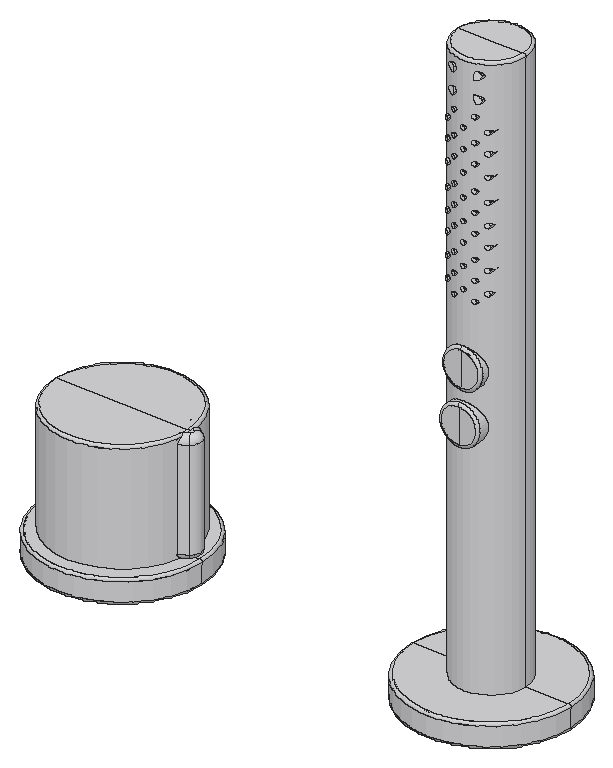
Revit family "Shower-Deck_Mount-Handshower-KOHLER-AVID-K-97364T_1", category Plumbing Fixtures, host Face, Revit 2017
Family settings
  Host = Face
  Round Connector Dimension = Use Diameter
  Part Type = Normal
  OmniClass Number = 23.31.17.00
  OmniClass Title = Showers
  Cut with Voids When Loaded = No
  Shared = No
  Room Calculation Point = No
Parameters (values of type "CP-Polished Chrome")
  Width [instance] = 5 29/32"
  WaterSense Certified = 1 = 0  # no
  Waste Water Outlet = "Waste Water Outlet"  # constant formula
  Waste Connection = 1 = 0  # no
  Vent Connection = 1 = 0  # no
  URL = "http://www.kohler.com.cn/"
  Type = 1
  Product Page URL = ""
  Product Name = "AVID"  # constant formula
  Product Documentation Link = ""
  Pressure = 80.00 psi  # constant formula
  Model = if(Type = 1, "K-97364T-B9-CP", if(Type = 2, "K-97364T-B9-RGD", if(Type = 3, "K-97364T-B9-TT", "NA")))  # "K-97364T-B9-CP"
  Material = "Brass Construction"  # constant formula
  Master Format 2014 Name = "Residential Showers"  # constant formula
  Master Format 2014 = "22 42 23"  # constant formula
  Manufacturer Address = "Kohler Beijing Office (100016) 36-2-03-B, No. 88, Liuxiang Road, Beijing"  # constant formula
  Manufacturer = "KOHLER Co."  # constant formula
  Length = 2 143/256"  # constant formula
  Hot Water Inlet = "Hot Water Inlet"  # constant formula
  Height = 9 115/256"  # constant formula
  HW Connection = 1 = 1  # yes
  Flow Rate = 2.5 GPM  # constant formula
  Finish = Kohler-Metal-CP-Polished_Chrome
  Environmental Product Declaration = ""
  Drain Included = 1 = 0  # no
  Description = "DIVERTER AND HANDSHOWER"  # constant formula
  Default Elevation = 36"
  Declare Label = ""
  Date Modified = "03/03/2021"  # constant formula
  Date Created = "03/03/2021"  # constant formula
  Copyright = "Copyright KOHLER Co."  # constant formula
  Contact Us = "http://www.kohler.com.cn/contact/contact-us/"
  Cold Water Inlet = "Cold Water Inlet"  # constant formula
  CW Connection = 1 = 1  # yes
  Assembly Code = "D2010700"
  ADA Compliant = 1 = 0  # no
Types (4): name | Type | Model | Finish
  (no name) | 1 | "K-97364T-B9-CP" | Kohler-Metal-CP-Polished_Chrome
  CP-Polished Chrome | 1 | "K-97364T-B9-CP" | Kohler-Metal-CP-Polished_Chrome
  RGD-Rose Gold | 2 | "K-97364T-B9-RGD" | Kohler-Metal-RGD-Rose_Gold
  TT-Titanium Silver | 3 | "K-97364T-B9-TT" | Kohler-Metal-TT-Titanium_Silver
Reference planes (in)
  plane 1 "Center (Front/Back)": y = 0
  plane 2: z = 0
  plane 3 "Center (Left/Right)": x = 0
  plane 4: y = 1.27953
  plane 5: x = 0.55118
  plane 6: x = -0.55118
  plane 7: y = 0.55078
  plane 8: y = -0.55078
  plane 9: y = -1.27907
  plane 10: x = 1.27953
  plane 11: x = -1.27953
  plane 12: z = 9.44922
  plane 13: z = 2.16535
  plane 14: x = -4.62672
  plane 15: x = -5.25923
  plane 16: x = -5.90625
  plane 17: x = -7.18578
  plane 18: x = -6.55327
  plane 19: x = -4.82756
  plane 20: x = -6.98494
  plane 21: y = 1.08268
  plane 22: y = -1.08268
Dimensions and locks (in)
  plane 13 to host face = 2.16535"
  "Height": level to plane 12
  "Length": plane 9 to plane 4
  equal spacing: plane 17, plane 16, plane 14, locked at 1.27953 each
  equal spacing: plane 18, plane 16, plane 15, locked at 0.64702 each
  "Width": plane 16 to plane 3 "Center (Left/Right)"
  locked: plane 17 to plane 14 at 2.55906
  locked: plane 18 to plane 15 at 1.29403
  equal spacing: plane 20, plane 16, plane 19, locked at 1.07869 each
  plane 20 to plane 19 = 2.15737"
  plane 11 to plane 10 = 2.55906"
  aligned and locked: plane 2 to host face
  aligned and locked: level to host face
  aligned and locked: plane 3 "Center (Left/Right)" to nested 1
  aligned and locked: plane 16 to nested 2
Automatic sketch dimensions
  host sketch curve to host sketch curve = 96"  (x2)
Nested families (in)
  nested 1: "K-97364T_Handshower" at (0, 0, 0), type "K-97364T_Handshower"
  nested 2: "K-97364T_Diverter" at (-5.90625, 0, 0), type "K-97364T_Diverter"
Connectors (in)
  piping at (-6.55327, 0, 0), diameter 0.5, driven by "Flow Rate", driven by "Pressure", driven by "HW Connection", driven by "Hot Water Inlet"
    settings: on nested 2, index 1, connector inside diameter 24", connector length 0", flow factor 0, pipe flow 2.5 GPM, pressure drop 80.00 psi, fitting loss kfactor 0, connector angle 0.00°, fixture units 0, engagement length 0", angle of deflection 0.00°, flow configuration 1, flow direction 1, fitting loss method 4, system type 19, joint type 0, gender type 0, connector reference index -1, connector utility 1, adjustable connector no, is connector primary yes, connector description "Hot Water Inlet"
  piping at (-5.25923, 0, 0), diameter 0.5, driven by "Flow Rate", driven by "Pressure", driven by "CW Connection", driven by "Cold Water Inlet"
    settings: on nested 2, index 2, connector inside diameter 24", connector length 0", flow factor 0, pipe flow 2.5 GPM, pressure drop 80.00 psi, fitting loss kfactor 0, connector angle 0.00°, fixture units 0, engagement length 0", angle of deflection 0.00°, flow configuration 1, flow direction 1, fitting loss method 4, system type 20, joint type 0, gender type 0, connector reference index -1, connector utility 1, adjustable connector no, is connector primary no, connector description "Cold Water Inlet"
Definition of nested family "K-97364T_Handshower"
  Parameters (values of type "K-97364T_Handshower")
    material = none
  Reference planes (in)
    plane 1 "Center (Front/Back)": y = 0
    plane 2: z = 0
    plane 3 "Center (Left/Right)": x = 0
    plane 4: x = 0.55118
    plane 5: x = 1.27953
    plane 6: x = -0.55118
    plane 7: x = -1.27953
    plane 8: z = 9.44882
  Forms (in)
    Revolve 1, solid, material <- "material", detail levels medium+fine
      sketch origin (0, 0, 0) x (1, 0, 0) y (0, 0, 1)
        loop
          line (0, 0) -> (0.55118, 0) -> (0.55118, 9.40945)
          arc (0.55118, 9.40945) -> (0.53965, 9.43729) -> (0.51181, 9.44882) r 0.03937
          line (0.51181, 9.44882) -> (0, 9.44882) -> (0, 0)
        axis (0, 9.44882) -> (0, 0)
      angle from 0 to 360
    Revolve 2, solid, material <- "material", detail levels medium+fine
      sketch origin (0, 0, 0) x (1, 0, 0) y (0, 0, 1)
        loop
          line (0, 0) -> (1.24016, 0)
          arc (1.24016, 0) -> (1.268, 0.01153) -> (1.27953, 0.03937) r 0.03937
          line (1.27953, 0.03937) -> (1.27953, 0.33177)
          arc (1.27953, 0.33177) -> (1.268, 0.35961) -> (1.24016, 0.37114) r 0.03937
          line (1.24016, 0.37114) -> (0, 0.37114) -> (0, 0)
        axis (0, 0.37114) -> (0, 0)
      angle from 0 to 360
    Revolve 3, solid, material <- "material", detail levels medium+fine
      sketch origin (0, -0.02461, 0) x (0, 1, 0) y (0, 0, 1)
        loop
          line (-0.38794, 4.52756) -> (-0.58963, 4.52756)
          arc (-0.58963, 4.52756) -> (-0.61746, 4.51603) -> (-0.629, 4.48819) r 0.03937
          line (-0.629, 4.48819) -> (-0.629, 4.2126) -> (-0.38794, 4.2126) -> (-0.38794, 4.52756)
        axis (-0.38794, 4.2126) -> (-0.629, 4.2126)
      angle from 0 to 360
    Revolve 4, solid, material <- "material", detail levels medium+fine
      sketch origin (0, -0.41596, 0.89204) x (0, 1, 0) y (0, 0, 1)
        loop
          line (0.05497, 4.42293) -> (-0.14671, 4.42293)
          arc (-0.14671, 4.42293) -> (-0.17455, 4.41139) -> (-0.18608, 4.38356) r 0.03937
          line (-0.18608, 4.38356) -> (-0.18608, 4.10796) -> (0.05497, 4.10796) -> (0.05497, 4.42293)
        axis (0.05497, 4.10796) -> (-0.18608, 4.10796)
      angle from 0 to 360
    Extrusion 5, solid, detail levels medium+fine
      sketch origin (0, 0, 0) x (1, 0, 0) y (0, 0, 1)
        loop
          circle (0.1668, 5.99836) r 0.0322
        loop
          circle (0.32625, 6.134) r 0.03247
        loop
          circle (0.1668, 6.60437) r 0.0322
        loop
          circle (0.32625, 6.46873) r 0.03247
        loop
          circle (0.1668, 6.30129) r 0.0322
        loop
          circle (0.1668, 7.58247) r 0.0322
        loop
          circle (0.32625, 7.44683) r 0.03247
        loop
          circle (0.1668, 6.97646) r 0.0322
        loop
          circle (0.32625, 7.1121) r 0.03247
        loop
          circle (0.1668, 7.27954) r 0.0322
        loop
          circle (0.32625, 6.80363) r 0.03247
        loop
          circle (0.1668, 8.64969) r 0.0322
        loop
          circle (0.32625, 7.80723) r 0.03247
        loop
          circle (0.1668, 8.2776) r 0.0322
        loop
          circle (0.32625, 8.14196) r 0.03247
        loop
          circle (0.1668, 7.97452) r 0.0322
        loop
          circle (0.32625, 8.45043) r 0.03247
        loop
          circle (-0.1668, 5.99836) r 0.0322
        loop
          circle (-0.32625, 6.134) r 0.03247
        loop
          circle (-0.1668, 6.60437) r 0.0322
        loop
          circle (-0.32625, 6.46873) r 0.03247
        loop
          circle (-0.1668, 6.30129) r 0.0322
        loop
          circle (-0.1668, 7.58247) r 0.0322
        loop
          circle (-0.32625, 7.44683) r 0.03247
        loop
          circle (-0.1668, 6.97646) r 0.0322
        loop
          circle (-0.32625, 7.1121) r 0.03247
        loop
          circle (-0.1668, 7.27954) r 0.0322
        loop
          circle (-0.32625, 6.80363) r 0.03247
        loop
          circle (-0.1668, 8.64969) r 0.0322
        loop
          circle (-0.32625, 7.80723) r 0.03247
        loop
          circle (-0.1668, 8.2776) r 0.0322
        loop
          circle (-0.32625, 8.14196) r 0.03247
        loop
          circle (-0.1668, 7.97452) r 0.0322
        loop
          circle (-0.32625, 8.45043) r 0.03247
        loop
          circle (0, 6.134) r 0.03247
        loop
          circle (0, 6.46873) r 0.03247
        loop
          circle (0, 7.44683) r 0.03247
        loop
          circle (0, 7.1121) r 0.03247
        loop
          circle (0, 6.80363) r 0.03247
        loop
          circle (0, 7.80723) r 0.03247
        loop
          circle (0, 8.14196) r 0.03247
        loop
          circle (0, 8.45043) r 0.03247
      from 0 to 0.65344
    Extrusion 6, void
      sketch origin (0, 0.0123, 0) x (1, 0, 0) y (0, 1, 0)
        loop
          arc (0.39739, -0.43637) -> (-0.00628, -0.57823) -> (-0.40996, -0.43637) r 0.64527
          line (-0.40996, -0.43637) -> (-0.40996, -0.76262) -> (0.39739, -0.76262) -> (0.39739, -0.43637)
      from 5.7811 to 9.60027
    Extrusion 7, solid, detail levels medium+fine
      sketch origin (0, 0, 0) x (1, 0, 0) y (0, 0, 1)
        loop
          arc (0.15364, 8.89016) -> (0.24616, 8.85608) -> (0.22826, 8.95304) r 0.05673
          arc (0.22826, 8.95304) -> (0.19548, 8.96235) -> (0.16183, 8.96779) r 0.29249
          arc (0.16183, 8.96779) -> (0.15247, 8.92953) -> (0.15364, 8.89016) r 0.1464
        loop
          arc (0.15364, 9.25945) -> (0.15247, 9.22008) -> (0.16183, 9.18182) r 0.1464
          arc (0.16183, 9.18182) -> (0.19548, 9.18726) -> (0.22826, 9.19657) r 0.29249
          arc (0.22826, 9.19657) -> (0.24616, 9.29352) -> (0.15364, 9.25945) r 0.05673
        loop
          arc (-0.15364, 8.89016) -> (-0.15247, 8.92953) -> (-0.16183, 8.96779) r 0.1464
          arc (-0.16183, 8.96779) -> (-0.19548, 8.96235) -> (-0.22826, 8.95304) r 0.29249
          arc (-0.22826, 8.95304) -> (-0.24616, 8.85608) -> (-0.15364, 8.89016) r 0.05673
        loop
          arc (-0.15364, 9.25945) -> (-0.24616, 9.29352) -> (-0.22826, 9.19657) r 0.05673
          arc (-0.22826, 9.19657) -> (-0.19548, 9.18726) -> (-0.16183, 9.18182) r 0.29249
          arc (-0.16183, 9.18182) -> (-0.15247, 9.22008) -> (-0.15364, 9.25945) r 0.1464
      from 0 to 0.58694
    Revolve 8, solid, material <- "material", detail levels coarse
      sketch origin (0, 0, 0) x (1, 0, 0) y (0, 0, 1)
        loop
          line (0, 0) -> (1.27953, 0) -> (1.27953, 0.37114) -> (0.55118, 0.37114) -> (0.55118, 9.44882) -> (0, 9.44882) -> (0, 0)
        axis (0, 9.44882) -> (0, 0)
      angle from 0 to 360
  Cuts and joins
    joined: Revolve 1, Revolve 2, Revolve 3, Revolve 4
    Extrusion 6 cuts Extrusion 5
    Extrusion 6 cuts Extrusion 7
  Lines and regions (in)
    Masking region 1
      outline origin (0, 0, 0) x (0, 1, 0) y (0, 0, 1)
        loop
          line (0, 0) -> (1.24249, 0)
          arc (1.24249, 0) -> (1.26907, 0.01101) -> (1.28008, 0.03759) r 0.03759
          line (1.28008, 0.03759) -> (1.28008, 0.33268)
          arc (1.28008, 0.33268) -> (1.26882, 0.35988) -> (1.24162, 0.37114) r 0.03846
          line (1.24162, 0.37114) -> (0.55118, 0.37114) -> (0.55118, 9.40739)
          arc (0.55118, 9.40739) -> (0.53905, 9.43668) -> (0.50975, 9.44882) r 0.04143
          line (0.50975, 9.44882) -> (0, 9.44882) -> (-0.50975, 9.44882)
          arc (-0.50975, 9.44882) -> (-0.53905, 9.43668) -> (-0.55118, 9.40739) r 0.04143
          line (-0.55118, 9.40739) -> (-0.55118, 5.31496)
          arc (-0.55118, 5.31496) -> (-0.58625, 5.30769) -> (-0.60201, 5.27552) r 0.04072
          line (-0.60201, 5.27552) -> (-0.60201, 4.72448)
          arc (-0.60201, 4.72448) -> (-0.58625, 4.69231) -> (-0.55118, 4.68504) r 0.04072
          line (-0.55118, 4.68504) -> (-0.55118, 4.52756) -> (-0.61232, 4.52756)
          arc (-0.61232, 4.52756) -> (-0.64128, 4.51556) -> (-0.65328, 4.4866) r 0.04095
          line (-0.65328, 4.4866) -> (-0.65328, 3.93859)
          arc (-0.65328, 3.93859) -> (-0.64128, 3.90963) -> (-0.61232, 3.89764) r 0.04095
          line (-0.61232, 3.89764) -> (-0.55118, 3.89764) -> (-0.55118, 0.37114) -> (-1.24162, 0.37114)
          arc (-1.24162, 0.37114) -> (-1.26882, 0.35988) -> (-1.28008, 0.33268) r 0.03846
          line (-1.28008, 0.33268) -> (-1.28008, 0.03759)
          arc (-1.28008, 0.03759) -> (-1.26907, 0.01101) -> (-1.24249, 0) r 0.03759
          line (-1.24249, 0) -> (0, 0)
    Masking region 2
      outline origin (0, 0, 0) x (1, 0, 0) y (0, 0, 1)
        loop
          line (0, 0) -> (1.23946, 0)
          arc (1.23946, 0) -> (1.26779, 0.01173) -> (1.27953, 0.04006) r 0.04006
          line (1.27953, 0.04006) -> (1.27953, 0.32997)
          arc (1.27953, 0.32997) -> (1.26747, 0.35908) -> (1.23836, 0.37114) r 0.04117
          line (1.23836, 0.37114) -> (0.55118, 0.37114) -> (0.55118, 9.41025)
          arc (0.55118, 9.41025) -> (0.53988, 9.43752) -> (0.51261, 9.44882) r 0.03857
          line (0.51261, 9.44882) -> (0, 9.44882) -> (-0.51261, 9.44882)
          arc (-0.51261, 9.44882) -> (-0.53988, 9.43752) -> (-0.55118, 9.41025) r 0.03857
          line (-0.55118, 9.41025) -> (-0.55118, 0.37114) -> (-1.23836, 0.37114)
          arc (-1.23836, 0.37114) -> (-1.26747, 0.35908) -> (-1.27953, 0.32997) r 0.04117
          line (-1.27953, 0.32997) -> (-1.27953, 0.04006)
          arc (-1.27953, 0.04006) -> (-1.26779, 0.01173) -> (-1.23946, 0) r 0.04006
          line (-1.23946, 0) -> (0, 0)
    Masking region 3
      outline origin (0, 0, 0) x (1, 0, 0) y (0, 1, 0)
        loop
          circle (0, 0) r 1.27953
    symbolic lines, detail levels medium+fine
      curve 1: line (0, -0.55118, 0.37114) -> (0, 0.55118, 0.37114)
      curve 2: arc (0, -0.55118, 4.52756) -> (0, -0.44685, 4.2126) -> (0, -0.55118, 3.89764) r 0.52757
      curve 3: arc (0, -0.55118, 4.68504) -> (0, -0.46369, 5) -> (0, -0.55118, 5.31496) r 0.61064
      curve 4: spline (0, -0.49865, 6.13399) -> (0, -0.49744, 6.12517) -> (0, -0.49522, 6.11716) -> (0, -0.49214, 6.1104) -> (0, -0.48836, 6.10528) -> (0, -0.4841, 6.10209) -> (0, -0.4796, 6.101) -> (0, -0.47511, 6.10209) -> (0, -0.47089, 6.10528) -> (0, -0.46718, 6.1104) -> (0, -0.46419, 6.11716) -> (0, -0.46209, 6.12517) -> (0, -0.46099, 6.13399)
      curve 5: spline (0, -0.46099, 6.13399) -> (0, -0.46228, 6.14281) -> (0, -0.46455, 6.15083) -> (0, -0.46769, 6.1576) -> (0, -0.47152, 6.16273) -> (0, -0.47581, 6.16593) -> (0, -0.48032, 6.16701) -> (0, -0.4848, 6.16593) -> (0, -0.489, 6.16273) -> (0, -0.49267, 6.1576) -> (0, -0.4956, 6.15083) -> (0, -0.49763, 6.14281) -> (0, -0.49865, 6.13399)
      curve 6: spline (0, -0.55041, 5.99837) -> (0, -0.55002, 6.00682) -> (0, -0.54907, 6.01463) -> (0, -0.54763, 6.02131) -> (0, -0.54577, 6.02641) -> (0, -0.54364, 6.02962) -> (0, -0.54135, 6.03071) -> (0, -0.53908, 6.02961) -> (0, -0.53695, 6.02641) -> (0, -0.53511, 6.02131) -> (0, -0.53368, 6.01463) -> (0, -0.53275, 6.00681) -> (0, -0.53238, 5.99837)
      curve 7: spline (0, -0.53238, 5.99837) -> (0, -0.53281, 5.98992) -> (0, -0.53379, 5.9821) -> (0, -0.53527, 5.97541) -> (0, -0.53715, 5.9703) -> (0, -0.5393, 5.9671) -> (0, -0.54159, 5.966) -> (0, -0.54386, 5.9671) -> (0, -0.54598, 5.9703) -> (0, -0.54779, 5.97542) -> (0, -0.54919, 5.9821) -> (0, -0.55009, 5.98992) -> (0, -0.55041, 5.99837)
      curve 8: spline (0, -0.55041, 6.30131) -> (0, -0.55002, 6.30975) -> (0, -0.54907, 6.31757) -> (0, -0.54763, 6.32424) -> (0, -0.54577, 6.32935) -> (0, -0.54364, 6.33255) -> (0, -0.54135, 6.33364) -> (0, -0.53908, 6.33255) -> (0, -0.53695, 6.32935) -> (0, -0.53511, 6.32424) -> (0, -0.53368, 6.31756) -> (0, -0.53275, 6.30975) -> (0, -0.53238, 6.3013)
      curve 9: spline (0, -0.53238, 6.3013) -> (0, -0.53281, 6.29285) -> (0, -0.53379, 6.28503) -> (0, -0.53527, 6.27835) -> (0, -0.53715, 6.27323) -> (0, -0.5393, 6.27003) -> (0, -0.54159, 6.26894) -> (0, -0.54386, 6.27003) -> (0, -0.54598, 6.27324) -> (0, -0.54779, 6.27835) -> (0, -0.54919, 6.28503) -> (0, -0.55009, 6.29286) -> (0, -0.55041, 6.30131)
      curve 10: spline (0, -0.46099, 6.46872) -> (0, -0.46228, 6.47754) -> (0, -0.46455, 6.48556) -> (0, -0.46769, 6.49233) -> (0, -0.47152, 6.49746) -> (0, -0.47581, 6.50066) -> (0, -0.48032, 6.50174) -> (0, -0.4848, 6.50066) -> (0, -0.489, 6.49746) -> (0, -0.49267, 6.49233) -> (0, -0.4956, 6.48556) -> (0, -0.49763, 6.47754) -> (0, -0.49865, 6.46872)
      curve 11: spline (0, -0.49865, 6.46872) -> (0, -0.49744, 6.4599) -> (0, -0.49522, 6.45189) -> (0, -0.49214, 6.44513) -> (0, -0.48836, 6.44001) -> (0, -0.4841, 6.43682) -> (0, -0.4796, 6.43573) -> (0, -0.47511, 6.43682) -> (0, -0.47089, 6.44001) -> (0, -0.46718, 6.44513) -> (0, -0.46419, 6.45189) -> (0, -0.46209, 6.45991) -> (0, -0.46099, 6.46872)
      curve 12: spline (0, -0.55041, 6.60439) -> (0, -0.55002, 6.61283) -> (0, -0.54907, 6.62065) -> (0, -0.54763, 6.62732) -> (0, -0.54577, 6.63243) -> (0, -0.54364, 6.63563) -> (0, -0.54135, 6.63672) -> (0, -0.53908, 6.63563) -> (0, -0.53695, 6.63243) -> (0, -0.53511, 6.62732) -> (0, -0.53368, 6.62064) -> (0, -0.53275, 6.61283) -> (0, -0.53238, 6.60438)
      curve 13: spline (0, -0.53238, 6.60438) -> (0, -0.53281, 6.59593) -> (0, -0.53379, 6.58811) -> (0, -0.53527, 6.58143) -> (0, -0.53715, 6.57632) -> (0, -0.5393, 6.57311) -> (0, -0.54159, 6.57202) -> (0, -0.54386, 6.57311) -> (0, -0.54598, 6.57632) -> (0, -0.54779, 6.58143) -> (0, -0.54919, 6.58811) -> (0, -0.55009, 6.59594) -> (0, -0.55041, 6.60439)
      curve 14: spline (0, -0.46099, 6.80361) -> (0, -0.46228, 6.81243) -> (0, -0.46455, 6.82046) -> (0, -0.46769, 6.82722) -> (0, -0.47152, 6.83235) -> (0, -0.47581, 6.83555) -> (0, -0.48032, 6.83664) -> (0, -0.4848, 6.83555) -> (0, -0.489, 6.83235) -> (0, -0.49267, 6.82722) -> (0, -0.4956, 6.82045) -> (0, -0.49763, 6.81243) -> (0, -0.49865, 6.80361)
      curve 15: spline (0, -0.49865, 6.80361) -> (0, -0.49744, 6.7948) -> (0, -0.49522, 6.78679) -> (0, -0.49214, 6.78003) -> (0, -0.48836, 6.77491) -> (0, -0.4841, 6.77171) -> (0, -0.4796, 6.77063) -> (0, -0.47511, 6.77171) -> (0, -0.47089, 6.77491) -> (0, -0.46718, 6.78003) -> (0, -0.46419, 6.78679) -> (0, -0.46209, 6.7948) -> (0, -0.46099, 6.80361)
      curve 16: spline (0, -0.55041, 6.97647) -> (0, -0.55002, 6.98492) -> (0, -0.54907, 6.99273) -> (0, -0.54763, 6.99941) -> (0, -0.54577, 7.00452) -> (0, -0.54364, 7.00772) -> (0, -0.54135, 7.00881) -> (0, -0.53908, 7.00772) -> (0, -0.53695, 7.00451) -> (0, -0.53511, 6.99941) -> (0, -0.53368, 6.99273) -> (0, -0.53275, 6.98491) -> (0, -0.53238, 6.97647)
      curve 17: spline (0, -0.53238, 6.97647) -> (0, -0.53281, 6.96802) -> (0, -0.53379, 6.9602) -> (0, -0.53527, 6.95351) -> (0, -0.53715, 6.9484) -> (0, -0.5393, 6.9452) -> (0, -0.54159, 6.9441) -> (0, -0.54386, 6.9452) -> (0, -0.54598, 6.9484) -> (0, -0.54779, 6.95352) -> (0, -0.54919, 6.9602) -> (0, -0.55009, 6.96802) -> (0, -0.55041, 6.97647)
      curve 18: spline (0, -0.46099, 7.11209) -> (0, -0.46228, 7.12091) -> (0, -0.46455, 7.12893) -> (0, -0.46769, 7.1357) -> (0, -0.47152, 7.14083) -> (0, -0.47581, 7.14403) -> (0, -0.48032, 7.14511) -> (0, -0.4848, 7.14403) -> (0, -0.489, 7.14083) -> (0, -0.49267, 7.1357) -> (0, -0.4956, 7.12893) -> (0, -0.49763, 7.12091) -> (0, -0.49865, 7.11209)
      curve 19: spline (0, -0.49865, 7.11209) -> (0, -0.49744, 7.10327) -> (0, -0.49522, 7.09526) -> (0, -0.49214, 7.0885) -> (0, -0.48836, 7.08338) -> (0, -0.4841, 7.08019) -> (0, -0.4796, 7.0791) -> (0, -0.47511, 7.08019) -> (0, -0.47089, 7.08338) -> (0, -0.46718, 7.0885) -> (0, -0.46419, 7.09526) -> (0, -0.46209, 7.10328) -> (0, -0.46099, 7.11209)
      curve 20: spline (0, -0.55041, 7.27955) -> (0, -0.55002, 7.288) -> (0, -0.54907, 7.29581) -> (0, -0.54763, 7.30249) -> (0, -0.54577, 7.3076) -> (0, -0.54364, 7.3108) -> (0, -0.54135, 7.31189) -> (0, -0.53908, 7.3108) -> (0, -0.53695, 7.30759) -> (0, -0.53511, 7.30249) -> (0, -0.53368, 7.29581) -> (0, -0.53275, 7.28799) -> (0, -0.53238, 7.27955)
      curve 21: spline (0, -0.53238, 7.27955) -> (0, -0.53281, 7.2711) -> (0, -0.53379, 7.26328) -> (0, -0.53527, 7.25659) -> (0, -0.53715, 7.25148) -> (0, -0.5393, 7.24828) -> (0, -0.54159, 7.24719) -> (0, -0.54386, 7.24828) -> (0, -0.54598, 7.25149) -> (0, -0.54779, 7.2566) -> (0, -0.54919, 7.26328) -> (0, -0.55009, 7.2711) -> (0, -0.55041, 7.27955)
      curve 22: spline (0, -0.49227, 7.44684) -> (0, -0.49094, 7.45569) -> (0, -0.48858, 7.46372) -> (0, -0.48532, 7.47048) -> (0, -0.48135, 7.4756) -> (0, -0.47688, 7.47879) -> (0, -0.47216, 7.47988) -> (0, -0.46747, 7.47879) -> (0, -0.46305, 7.4756) -> (0, -0.45915, 7.47048) -> (0, -0.456, 7.46372) -> (0, -0.45376, 7.45569) -> (0, -0.45257, 7.44684)
      curve 23: spline (0, -0.45257, 7.44684) -> (0, -0.45397, 7.43798) -> (0, -0.4564, 7.42995) -> (0, -0.45972, 7.42317) -> (0, -0.46374, 7.41805) -> (0, -0.46824, 7.41485) -> (0, -0.47297, 7.41377) -> (0, -0.47766, 7.41485) -> (0, -0.48206, 7.41805) -> (0, -0.48591, 7.42318) -> (0, -0.489, 7.42995) -> (0, -0.49116, 7.43799) -> (0, -0.49227, 7.44684)
      curve 24: spline (0, -0.55041, 7.58249) -> (0, -0.55002, 7.59093) -> (0, -0.54907, 7.59875) -> (0, -0.54763, 7.60542) -> (0, -0.54577, 7.61053) -> (0, -0.54364, 7.61373) -> (0, -0.54135, 7.61482) -> (0, -0.53908, 7.61373) -> (0, -0.53695, 7.61053) -> (0, -0.53511, 7.60542) -> (0, -0.53368, 7.59874) -> (0, -0.53275, 7.59093) -> (0, -0.53238, 7.58248)
      curve 25: spline (0, -0.53238, 7.58248) -> (0, -0.53281, 7.57403) -> (0, -0.53379, 7.56621) -> (0, -0.53527, 7.55953) -> (0, -0.53715, 7.55442) -> (0, -0.5393, 7.55121) -> (0, -0.54159, 7.55012) -> (0, -0.54386, 7.55121) -> (0, -0.54598, 7.55442) -> (0, -0.54779, 7.55953) -> (0, -0.54919, 7.56621) -> (0, -0.55009, 7.57404) -> (0, -0.55041, 7.58249)
      curve 26: spline (0, -0.46099, 7.80722) -> (0, -0.46228, 7.81604) -> (0, -0.46455, 7.82406) -> (0, -0.46769, 7.83083) -> (0, -0.47152, 7.83596) -> (0, -0.47581, 7.83915) -> (0, -0.48032, 7.84024) -> (0, -0.4848, 7.83915) -> (0, -0.489, 7.83595) -> (0, -0.49267, 7.83083) -> (0, -0.4956, 7.82406) -> (0, -0.49763, 7.81603) -> (0, -0.49865, 7.80721)
      curve 27: spline (0, -0.49865, 7.80721) -> (0, -0.49744, 7.7984) -> (0, -0.49522, 7.79039) -> (0, -0.49214, 7.78363) -> (0, -0.48836, 7.77851) -> (0, -0.4841, 7.77531) -> (0, -0.4796, 7.77423) -> (0, -0.47511, 7.77531) -> (0, -0.47089, 7.77851) -> (0, -0.46718, 7.78363) -> (0, -0.46419, 7.79039) -> (0, -0.46209, 7.7984) -> (0, -0.46099, 7.80722)
      curve 28: spline (0, -0.49865, 8.14194) -> (0, -0.49744, 8.13313) -> (0, -0.49522, 8.12512) -> (0, -0.49214, 8.11836) -> (0, -0.48836, 8.11324) -> (0, -0.4841, 8.11004) -> (0, -0.4796, 8.10896) -> (0, -0.47511, 8.11005) -> (0, -0.47089, 8.11324) -> (0, -0.46718, 8.11836) -> (0, -0.46419, 8.12512) -> (0, -0.46209, 8.13313) -> (0, -0.46099, 8.14195)
      curve 29: spline (0, -0.46099, 8.14195) -> (0, -0.46228, 8.15077) -> (0, -0.46455, 8.15879) -> (0, -0.46769, 8.16556) -> (0, -0.47152, 8.17069) -> (0, -0.47581, 8.17389) -> (0, -0.48032, 8.17497) -> (0, -0.4848, 8.17388) -> (0, -0.489, 8.17069) -> (0, -0.49267, 8.16556) -> (0, -0.4956, 8.15879) -> (0, -0.49763, 8.15077) -> (0, -0.49865, 8.14194)
      curve 30: spline (0, -0.55041, 8.27762) -> (0, -0.55002, 8.28606) -> (0, -0.54907, 8.29388) -> (0, -0.54763, 8.30055) -> (0, -0.54577, 8.30566) -> (0, -0.54364, 8.30886) -> (0, -0.54135, 8.30995) -> (0, -0.53908, 8.30886) -> (0, -0.53695, 8.30565) -> (0, -0.53511, 8.30055) -> (0, -0.53368, 8.29387) -> (0, -0.53275, 8.28605) -> (0, -0.53238, 8.27761)
      curve 31: spline (0, -0.53238, 8.27761) -> (0, -0.53281, 8.26916) -> (0, -0.53379, 8.26134) -> (0, -0.53527, 8.25465) -> (0, -0.53715, 8.24954) -> (0, -0.5393, 8.24634) -> (0, -0.54159, 8.24525) -> (0, -0.54386, 8.24634) -> (0, -0.54598, 8.24955) -> (0, -0.54779, 8.25466) -> (0, -0.54919, 8.26134) -> (0, -0.55009, 8.26916) -> (0, -0.55041, 8.27762)
      curve 32: spline (0, -0.46099, 8.45042) -> (0, -0.46228, 8.45924) -> (0, -0.46455, 8.46726) -> (0, -0.46769, 8.47403) -> (0, -0.47152, 8.47916) -> (0, -0.47581, 8.48236) -> (0, -0.48032, 8.48345) -> (0, -0.4848, 8.48236) -> (0, -0.489, 8.47916) -> (0, -0.49267, 8.47403) -> (0, -0.4956, 8.46726) -> (0, -0.49763, 8.45924) -> (0, -0.49865, 8.45042)
      curve 33: spline (0, -0.49865, 8.45042) -> (0, -0.49744, 8.44161) -> (0, -0.49522, 8.43359) -> (0, -0.49214, 8.42683) -> (0, -0.48836, 8.42171) -> (0, -0.4841, 8.41852) -> (0, -0.4796, 8.41743) -> (0, -0.47511, 8.41852) -> (0, -0.47089, 8.42171) -> (0, -0.46718, 8.42684) -> (0, -0.46419, 8.4336) -> (0, -0.46209, 8.44161) -> (0, -0.46099, 8.45042)
      curve 34: spline (0, -0.55041, 8.6497) -> (0, -0.55002, 8.65815) -> (0, -0.54907, 8.66596) -> (0, -0.54763, 8.67264) -> (0, -0.54577, 8.67774) -> (0, -0.54364, 8.68095) -> (0, -0.54135, 8.68204) -> (0, -0.53908, 8.68094) -> (0, -0.53695, 8.67774) -> (0, -0.53511, 8.67263) -> (0, -0.53368, 8.66596) -> (0, -0.53275, 8.65814) -> (0, -0.53238, 8.6497)
      curve 35: spline (0, -0.53238, 8.6497) -> (0, -0.53281, 8.64125) -> (0, -0.53379, 8.63342) -> (0, -0.53527, 8.62674) -> (0, -0.53715, 8.62163) -> (0, -0.5393, 8.61842) -> (0, -0.54159, 8.61733) -> (0, -0.54386, 8.61843) -> (0, -0.54598, 8.62163) -> (0, -0.54779, 8.62675) -> (0, -0.54919, 8.63343) -> (0, -0.55009, 8.64125) -> (0, -0.55041, 8.6497)
      curve 36: line (0, -0.5458, 8.89016) -> (0, -0.52179, 8.95304)
      curve 37: spline (0, -0.52179, 8.95304) -> (0, -0.52384, 8.95484) -> (0, -0.52584, 8.95654) -> (0, -0.52781, 8.95814) -> (0, -0.52973, 8.95963) -> (0, -0.53162, 8.96102) -> (0, -0.53347, 8.96231) -> (0, -0.53527, 8.96349) -> (0, -0.53703, 8.96456) -> (0, -0.53875, 8.96553) -> (0, -0.54043, 8.96639) -> (0, -0.54206, 8.96714) -> (0, -0.54364, 8.96779)
      curve 38: spline (0, -0.54364, 8.96779) -> (0, -0.54423, 8.96163) -> (0, -0.54475, 8.95537) -> (0, -0.54519, 8.94902) -> (0, -0.54556, 8.94259) -> (0, -0.54586, 8.9361) -> (0, -0.54608, 8.92957) -> (0, -0.54622, 8.923) -> (0, -0.54629, 8.91641) -> (0, -0.54628, 8.90982) -> (0, -0.5462, 8.90324) -> (0, -0.54603, 8.89668) -> (0, -0.5458, 8.89016)
      curve 39: spline (0, -0.5151, 9.20858) -> (0, -0.51197, 9.22337) -> (0, -0.51039, 9.24073) -> (0, -0.51051, 9.25897) -> (0, -0.51231, 9.27632) -> (0, -0.51562, 9.29111) -> (0, -0.52012, 9.30188) -> (0, -0.52537, 9.30761) -> (0, -0.53087, 9.30772) -> (0, -0.53608, 9.30222) -> (0, -0.54049, 9.29163) -> (0, -0.54368, 9.27699) -> (0, -0.54533, 9.25971)
      curve 40: spline (0, -0.54578, 9.25973) -> (0, -0.54604, 9.25332) -> (0, -0.54621, 9.24687) -> (0, -0.54631, 9.2404) -> (0, -0.54634, 9.23391) -> (0, -0.54629, 9.22743) -> (0, -0.54616, 9.22097) -> (0, -0.54595, 9.21454) -> (0, -0.54567, 9.20815) -> (0, -0.54531, 9.20181) -> (0, -0.54488, 9.19555) -> (0, -0.54437, 9.18937) -> (0, -0.5438, 9.18329)
      curve 41: spline (0, -0.5151, 9.20858) -> (0, -0.51784, 9.20553) -> (0, -0.52051, 9.20265) -> (0, -0.52313, 9.19994) -> (0, -0.52569, 9.1974) -> (0, -0.52819, 9.19502) -> (0, -0.53062, 9.19282) -> (0, -0.53299, 9.19079) -> (0, -0.53529, 9.18894) -> (0, -0.53752, 9.18726) -> (0, -0.53969, 9.18576) -> (0, -0.54178, 9.18443) -> (0, -0.5438, 9.18329)
      curve 42: line (0.55118, 0, 0.37114) -> (-0.55118, 0, 0.37114)
      curve 43: arc (0, 0, 4.68504) -> (0.31496, 0, 5) -> (0, 0, 5.31496) r 0.31496
      curve 44: arc (0, 0, 5.31496) -> (-0.31496, 0, 5) -> (0, 0, 4.68504) r 0.31496
      curve 45: arc (0, 0, 3.89764) -> (0.31496, 0, 4.2126) -> (0, 0, 4.52756) r 0.31496
      curve 46: arc (0, 0, 4.52756) -> (-0.31496, 0, 4.2126) -> (0, 0, 3.89764) r 0.31496
      curve 47: arc (0.1346, 0, 5.99836) -> (0.1668, 0, 5.96615) -> (0.19901, 0, 5.99836) r 0.0322
      curve 48: arc (0.19901, 0, 5.99836) -> (0.1668, 0, 6.03056) -> (0.1346, 0, 5.99836) r 0.0322
      curve 49: arc (0.29378, 0, 6.134) -> (0.32625, 0, 6.10153) -> (0.35872, 0, 6.134) r 0.03247
      curve 50: arc (0.35872, 0, 6.134) -> (0.32625, 0, 6.16647) -> (0.29378, 0, 6.134) r 0.03247
      curve 51: arc (0.1346, 0, 6.30129) -> (0.1668, 0, 6.26909) -> (0.19901, 0, 6.30129) r 0.0322
      curve 52: arc (0.19901, 0, 6.30129) -> (0.1668, 0, 6.3335) -> (0.1346, 0, 6.30129) r 0.0322
      curve 53: arc (0.29378, 0, 6.46873) -> (0.32625, 0, 6.43626) -> (0.35872, 0, 6.46873) r 0.03247
      curve 54: arc (0.35872, 0, 6.46873) -> (0.32625, 0, 6.5012) -> (0.29378, 0, 6.46873) r 0.03247
      curve 55: arc (0.1346, 0, 6.60437) -> (0.1668, 0, 6.57217) -> (0.19901, 0, 6.60437) r 0.0322
      curve 56: arc (0.19901, 0, 6.60437) -> (0.1668, 0, 6.63658) -> (0.1346, 0, 6.60437) r 0.0322
      curve 57: arc (0.29378, 0, 6.80363) -> (0.32625, 0, 6.77115) -> (0.35872, 0, 6.80363) r 0.03247
      curve 58: arc (0.35872, 0, 6.80363) -> (0.32625, 0, 6.8361) -> (0.29378, 0, 6.80363) r 0.03247
      curve 59: arc (0.1346, 0, 6.97646) -> (0.1668, 0, 6.94425) -> (0.19901, 0, 6.97646) r 0.0322
      curve 60: arc (0.19901, 0, 6.97646) -> (0.1668, 0, 7.00866) -> (0.1346, 0, 6.97646) r 0.0322
      curve 61: arc (0.29378, 0, 7.1121) -> (0.32625, 0, 7.07963) -> (0.35872, 0, 7.1121) r 0.03247
      curve 62: arc (0.35872, 0, 7.1121) -> (0.32625, 0, 7.14457) -> (0.29378, 0, 7.1121) r 0.03247
      curve 63: arc (0.1346, 0, 7.27954) -> (0.1668, 0, 7.24733) -> (0.19901, 0, 7.27954) r 0.0322
      curve 64: arc (0.19901, 0, 7.27954) -> (0.1668, 0, 7.31174) -> (0.1346, 0, 7.27954) r 0.0322
      curve 65: arc (0.29378, 0, 7.44683) -> (0.32625, 0, 7.41436) -> (0.35872, 0, 7.44683) r 0.03247
      curve 66: arc (0.35872, 0, 7.44683) -> (0.32625, 0, 7.4793) -> (0.29378, 0, 7.44683) r 0.03247
      curve 67: arc (0.1346, 0, 7.58247) -> (0.1668, 0, 7.55027) -> (0.19901, 0, 7.58247) r 0.0322
      curve 68: arc (0.19901, 0, 7.58247) -> (0.1668, 0, 7.61468) -> (0.1346, 0, 7.58247) r 0.0322
      curve 69: arc (0.29378, 0, 7.80723) -> (0.32625, 0, 7.77476) -> (0.35872, 0, 7.80723) r 0.03247
      curve 70: arc (0.35872, 0, 7.80723) -> (0.32625, 0, 7.8397) -> (0.29378, 0, 7.80723) r 0.03247
      curve 71: arc (0.1346, 0, 7.97452) -> (0.1668, 0, 7.94231) -> (0.19901, 0, 7.97452) r 0.0322
      curve 72: arc (0.19901, 0, 7.97452) -> (0.1668, 0, 8.00672) -> (0.1346, 0, 7.97452) r 0.0322
      curve 73: arc (0.29378, 0, 8.14196) -> (0.32625, 0, 8.10949) -> (0.35872, 0, 8.14196) r 0.03247
      curve 74: arc (0.35872, 0, 8.14196) -> (0.32625, 0, 8.17443) -> (0.29378, 0, 8.14196) r 0.03247
      curve 75: arc (0.1346, 0, 8.2776) -> (0.1668, 0, 8.2454) -> (0.19901, 0, 8.2776) r 0.0322
      curve 76: arc (0.19901, 0, 8.2776) -> (0.1668, 0, 8.3098) -> (0.1346, 0, 8.2776) r 0.0322
      curve 77: arc (0.29378, 0, 8.45043) -> (0.32625, 0, 8.41796) -> (0.35872, 0, 8.45043) r 0.03247
      curve 78: arc (0.35872, 0, 8.45043) -> (0.32625, 0, 8.4829) -> (0.29378, 0, 8.45043) r 0.03247
      curve 79: arc (0.1346, 0, 8.64969) -> (0.1668, 0, 8.61748) -> (0.19901, 0, 8.64969) r 0.0322
      curve 80: arc (0.19901, 0, 8.64969) -> (0.1668, 0, 8.68189) -> (0.1346, 0, 8.64969) r 0.0322
      curve 81: arc (-0.1346, 0, 5.99836) -> (-0.1668, 0, 5.96615) -> (-0.19901, 0, 5.99836) r 0.0322
      curve 82: arc (-0.19901, 0, 5.99836) -> (-0.1668, 0, 6.03056) -> (-0.1346, 0, 5.99836) r 0.0322
      curve 83: arc (-0.29378, 0, 6.134) -> (-0.32625, 0, 6.10153) -> (-0.35872, 0, 6.134) r 0.03247
      curve 84: arc (-0.35872, 0, 6.134) -> (-0.32625, 0, 6.16647) -> (-0.29378, 0, 6.134) r 0.03247
      curve 85: arc (-0.1346, 0, 6.30129) -> (-0.1668, 0, 6.26909) -> (-0.19901, 0, 6.30129) r 0.0322
      curve 86: arc (-0.19901, 0, 6.30129) -> (-0.1668, 0, 6.3335) -> (-0.1346, 0, 6.30129) r 0.0322
      curve 87: arc (-0.29378, 0, 6.46873) -> (-0.32625, 0, 6.43626) -> (-0.35872, 0, 6.46873) r 0.03247
      curve 88: arc (-0.35872, 0, 6.46873) -> (-0.32625, 0, 6.5012) -> (-0.29378, 0, 6.46873) r 0.03247
      curve 89: arc (-0.1346, 0, 6.60437) -> (-0.1668, 0, 6.57217) -> (-0.19901, 0, 6.60437) r 0.0322
      curve 90: arc (-0.19901, 0, 6.60437) -> (-0.1668, 0, 6.63658) -> (-0.1346, 0, 6.60437) r 0.0322
      curve 91: arc (-0.29378, 0, 6.80363) -> (-0.32625, 0, 6.77115) -> (-0.35872, 0, 6.80363) r 0.03247
      curve 92: arc (-0.35872, 0, 6.80363) -> (-0.32625, 0, 6.8361) -> (-0.29378, 0, 6.80363) r 0.03247
      curve 93: arc (-0.1346, 0, 6.97646) -> (-0.1668, 0, 6.94425) -> (-0.19901, 0, 6.97646) r 0.0322
      curve 94: arc (-0.19901, 0, 6.97646) -> (-0.1668, 0, 7.00866) -> (-0.1346, 0, 6.97646) r 0.0322
      curve 95: arc (-0.29378, 0, 7.1121) -> (-0.32625, 0, 7.07963) -> (-0.35872, 0, 7.1121) r 0.03247
      curve 96: arc (-0.35872, 0, 7.1121) -> (-0.32625, 0, 7.14457) -> (-0.29378, 0, 7.1121) r 0.03247
      curve 97: arc (-0.1346, 0, 7.27954) -> (-0.1668, 0, 7.24733) -> (-0.19901, 0, 7.27954) r 0.0322
      curve 98: arc (-0.19901, 0, 7.27954) -> (-0.1668, 0, 7.31174) -> (-0.1346, 0, 7.27954) r 0.0322
      curve 99: arc (-0.29378, 0, 7.44683) -> (-0.32625, 0, 7.41436) -> (-0.35872, 0, 7.44683) r 0.03247
      curve 100: arc (-0.35872, 0, 7.44683) -> (-0.32625, 0, 7.4793) -> (-0.29378, 0, 7.44683) r 0.03247
      curve 101: arc (-0.1346, 0, 7.58247) -> (-0.1668, 0, 7.55027) -> (-0.19901, 0, 7.58247) r 0.0322
      curve 102: arc (-0.19901, 0, 7.58247) -> (-0.1668, 0, 7.61468) -> (-0.1346, 0, 7.58247) r 0.0322
      curve 103: arc (-0.29378, 0, 7.80723) -> (-0.32625, 0, 7.77476) -> (-0.35872, 0, 7.80723) r 0.03247
      curve 104: arc (-0.35872, 0, 7.80723) -> (-0.32625, 0, 7.8397) -> (-0.29378, 0, 7.80723) r 0.03247
      curve 105: arc (-0.1346, 0, 7.97452) -> (-0.1668, 0, 7.94231) -> (-0.19901, 0, 7.97452) r 0.0322
      curve 106: arc (-0.19901, 0, 7.97452) -> (-0.1668, 0, 8.00672) -> (-0.1346, 0, 7.97452) r 0.0322
      curve 107: arc (-0.29378, 0, 8.14196) -> (-0.32625, 0, 8.10949) -> (-0.35872, 0, 8.14196) r 0.03247
      curve 108: arc (-0.35872, 0, 8.14196) -> (-0.32625, 0, 8.17443) -> (-0.29378, 0, 8.14196) r 0.03247
      curve 109: arc (-0.1346, 0, 8.2776) -> (-0.1668, 0, 8.2454) -> (-0.19901, 0, 8.2776) r 0.0322
      curve 110: arc (-0.19901, 0, 8.2776) -> (-0.1668, 0, 8.3098) -> (-0.1346, 0, 8.2776) r 0.0322
      curve 111: arc (-0.29378, 0, 8.45043) -> (-0.32625, 0, 8.41796) -> (-0.35872, 0, 8.45043) r 0.03247
      curve 112: arc (-0.35872, 0, 8.45043) -> (-0.32625, 0, 8.4829) -> (-0.29378, 0, 8.45043) r 0.03247
      curve 113: arc (-0.1346, 0, 8.64969) -> (-0.1668, 0, 8.61748) -> (-0.19901, 0, 8.64969) r 0.0322
      curve 114: arc (-0.19901, 0, 8.64969) -> (-0.1668, 0, 8.68189) -> (-0.1346, 0, 8.64969) r 0.0322
      curve 115: arc (-0.03247, 0, 6.134) -> (0, 0, 6.10153) -> (0.03247, 0, 6.134) r 0.03247
      curve 116: arc (0.03247, 0, 6.134) -> (0, 0, 6.16647) -> (-0.03247, 0, 6.134) r 0.03247
      curve 117: arc (-0.03247, 0, 6.46873) -> (0, 0, 6.43626) -> (0.03247, 0, 6.46873) r 0.03247
      curve 118: arc (0.03247, 0, 6.46873) -> (0, 0, 6.5012) -> (-0.03247, 0, 6.46873) r 0.03247
      curve 119: arc (-0.03247, 0, 6.80363) -> (0, 0, 6.77115) -> (0.03247, 0, 6.80363) r 0.03247
      curve 120: arc (0.03247, 0, 6.80363) -> (0, 0, 6.8361) -> (-0.03247, 0, 6.80363) r 0.03247
      curve 121: arc (-0.03247, 0, 7.1121) -> (0, 0, 7.07963) -> (0.03247, 0, 7.1121) r 0.03247
      curve 122: arc (0.03247, 0, 7.1121) -> (0, 0, 7.14457) -> (-0.03247, 0, 7.1121) r 0.03247
      curve 123: arc (-0.03247, 0, 7.44683) -> (0, 0, 7.41436) -> (0.03247, 0, 7.44683) r 0.03247
      curve 124: arc (0.03247, 0, 7.44683) -> (0, 0, 7.4793) -> (-0.03247, 0, 7.44683) r 0.03247
      curve 125: arc (-0.03247, 0, 7.80723) -> (0, 0, 7.77476) -> (0.03247, 0, 7.80723) r 0.03247
      curve 126: arc (0.03247, 0, 7.80723) -> (0, 0, 7.8397) -> (-0.03247, 0, 7.80723) r 0.03247
      curve 127: arc (-0.03247, 0, 8.14196) -> (0, 0, 8.10949) -> (0.03247, 0, 8.14196) r 0.03247
      curve 128: arc (0.03247, 0, 8.14196) -> (0, 0, 8.17443) -> (-0.03247, 0, 8.14196) r 0.03247
      curve 129: arc (-0.03247, 0, 8.45043) -> (0, 0, 8.41796) -> (0.03247, 0, 8.45043) r 0.03247
      curve 130: arc (0.03247, 0, 8.45043) -> (0, 0, 8.4829) -> (-0.03247, 0, 8.45043) r 0.03247
      curve 131: arc (0.15364, 0, 8.89016) -> (0.24616, 0, 8.85608) -> (0.22826, 0, 8.95304) r 0.05673
      curve 132: arc (0.16183, 0, 8.96779) -> (0.15247, 0, 8.92953) -> (0.15364, 0, 8.89016) r 0.1464
      curve 133: arc (0.22826, 0, 8.95304) -> (0.19548, 0, 8.96235) -> (0.16183, 0, 8.96779) r 0.29249
      curve 134: arc (-0.22826, 0, 8.95304) -> (-0.24616, 0, 8.85608) -> (-0.15364, 0, 8.89016) r 0.05673
      curve 135: arc (-0.15364, 0, 8.89016) -> (-0.15247, 0, 8.92953) -> (-0.16183, 0, 8.96779) r 0.1464
      curve 136: arc (-0.16183, 0, 8.96779) -> (-0.19548, 0, 8.96235) -> (-0.22826, 0, 8.95304) r 0.29249
      curve 137: arc (0.22826, 0, 9.19657) -> (0.24616, 0, 9.29352) -> (0.15364, 0, 9.25945) r 0.05673
      curve 138: arc (0.16183, 0, 9.18182) -> (0.19548, 0, 9.18726) -> (0.22826, 0, 9.19657) r 0.29249
      curve 139: arc (0.15364, 0, 9.25945) -> (0.15247, 0, 9.22008) -> (0.16183, 0, 9.18182) r 0.1464
      curve 140: arc (-0.15364, 0, 9.25945) -> (-0.24616, 0, 9.29352) -> (-0.22826, 0, 9.19657) r 0.05673
      curve 141: arc (-0.22826, 0, 9.19657) -> (-0.19548, 0, 9.18726) -> (-0.16183, 0, 9.18182) r 0.29249
      curve 142: arc (-0.16183, 0, 9.18182) -> (-0.15247, 0, 9.22008) -> (-0.15364, 0, 9.25945) r 0.1464
      curve 143: circle (0, 0, 0) r 0.55118 normal (0, 0, 1)
      curve 144: line (0, -0.6536, 0) -> (0.26358, -0.6536, 0)
      curve 145: line (0.3147, -0.48514, 0) -> (0.3147, -0.61586, 0)
      curve 146: arc (0.3147, -0.61586, 0) -> (0.29866, -0.64763, 0) -> (0.26358, -0.6536, 0) r 0.03949
      curve 147: line (0, -0.60205, 0) -> (0.27704, -0.60205, 0)
      curve 148: arc (0.27704, -0.60205, 0) -> (0.30264, -0.59205, 0) -> (0.3147, -0.56734, 0) r 0.03779
      curve 149: line (0.35872, -0.45277, 0) -> (0.35872, -0.41847, 0)
      curve 150: line (0.29406, -0.46619, 0) -> (0.29406, -0.49781, 0)
      curve 151: arc (0.29406, -0.49781, 0) -> (0.32733, -0.47664, 0) -> (0.35872, -0.45277, 0) r 0.47421
      curve 152: line (0.26623, -0.51195, 0) -> (0.26623, -0.48262, 0)
      curve 153: line (0.03247, -0.58014, 0) -> (0.03247, -0.55022, 0)
      curve 154: line (0.13421, -0.53459, 0) -> (0.13421, -0.56846, 0)
      curve 155: arc (0.13421, -0.56846, 0) -> (0.2029, -0.54647, 0) -> (0.26623, -0.51195, 0) r 0.38184
      curve 156: arc (0.03247, -0.58014, 0) -> (0, -0.58187, 0) -> (-0.03247, -0.58025, 0) r 0.31513
      curve 157: line (-0.03247, -0.58025, 0) -> (-0.03247, -0.55022, 0)
      curve 158: line (0, -0.6536, 0) -> (-0.26358, -0.6536, 0)
      curve 159: line (-0.3147, -0.48514, 0) -> (-0.3147, -0.61586, 0)
      curve 160: arc (-0.3147, -0.61586, 0) -> (-0.29866, -0.64763, 0) -> (-0.26358, -0.6536, 0) r 0.03949
      curve 161: line (0, -0.60205, 0) -> (-0.27704, -0.60205, 0)
      curve 162: arc (-0.27704, -0.60205, 0) -> (-0.30264, -0.59205, 0) -> (-0.3147, -0.56734, 0) r 0.03779
      curve 163: line (-0.35872, -0.45277, 0) -> (-0.35872, -0.41847, 0)
      curve 164: line (-0.29406, -0.46619, 0) -> (-0.29406, -0.49781, 0)
      curve 165: arc (-0.29406, -0.49781, 0) -> (-0.32733, -0.47664, 0) -> (-0.35872, -0.45277, 0) r 0.47421
      curve 166: line (-0.26623, -0.51195, 0) -> (-0.26623, -0.48262, 0)
      curve 167: line (-0.13421, -0.53459, 0) -> (-0.13421, -0.56846, 0)
      curve 168: arc (-0.13421, -0.56846, 0) -> (-0.2029, -0.54647, 0) -> (-0.26623, -0.51195, 0) r 0.38184
  Dimensions and locks (in)
    plane 8 to level = 9.44882"
    aligned and locked: plane 2 to level
Definition of nested family "K-97364T_Diverter"
  Parameters (values of type "K-97364T_Diverter")
    material = none
  Reference planes (in)
    plane 1 "Center (Front/Back)": y = 0
    plane 2: z = 0
    plane 3 "Center (Left/Right)": x = 0
    plane 4: x = 1.27953
    plane 5: x = -1.27953
    plane 6: x = 1.08268
    plane 7: x = -1.08268
    plane 8: z = 2.16535
    plane 9: y = 1.27953
    plane 10: y = -1.27953
    plane 11: x = -0.64702
    plane 12: x = 0.64702
  Forms (in)
    Revolve 1, solid, material <- "material", detail levels medium+fine
      sketch origin (0, 0, 0) x (1, 0, 0) y (0, 0, 1)
        loop
          line (0, 0) -> (1.24016, 0)
          arc (1.24016, 0) -> (1.268, 0.01153) -> (1.27953, 0.03937) r 0.03937
          line (1.27953, 0.03937) -> (1.27953, 0.33177)
          arc (1.27953, 0.33177) -> (1.268, 0.35961) -> (1.24016, 0.37114) r 0.03937
          line (1.24016, 0.37114) -> (0.93459, 0.37114) -> (0.93459, 0.40674) -> (1.08268, 0.40674) -> (1.08268, 2.12598)
          arc (1.08268, 2.12598) -> (1.07115, 2.15382) -> (1.04331, 2.16535) r 0.03937
          line (1.04331, 2.16535) -> (0, 2.16535) -> (0, 0)
        axis (0, 2.16535) -> (0, 0)
      angle from 0 to 360
    Sweep 2, solid, material <- "material", detail levels medium+fine
      path origin (0, 0, 0) x (1, 0, 0) y (0, 1, 0)
        loop
          arc (0.98789, -0.28757) -> (1.07951, -0.20071) -> (1.18058, -0.12506) r 1.08725
          arc (1.18058, -0.12506) -> (1.24779, 0) -> (1.18058, 0.12506) r 0.14995
          arc (1.18058, 0.12506) -> (1.07951, 0.20071) -> (0.98789, 0.28757) r 1.08725
      profile origin (1.24779, 0, 0) x (-1, 0, 0) y (0, 0, 1)
        loop
          line (-0.00922, 2.04897) -> (-0.00922, 0.47679)
          arc (-0.00922, 0.47679) -> (0.00896, 0.43003) -> (0.05395, 0.40785) r 0.0692
          line (0.05395, 0.40785) -> (0.10006, 0.40381) -> (0.10006, 2.15825)
          arc (0.10006, 2.15825) -> (0.02279, 2.12625) -> (-0.00922, 2.04897) r 0.10928
    Extrusion 3, solid, material <- "material", detail levels medium+fine
      sketch origin (0, 0, 0) x (1, 0, 0) y (0, 1, 0)
        loop
          arc (1.12537, -0.04161) -> (1.14773, 0) -> (1.12537, 0.04161) r 0.04989
          arc (1.12537, 0.04161) -> (1.015, 0.12422) -> (0.91495, 0.21907) r 1.18732
          line (0.91495, 0.21907) -> (0.91495, -0.21907)
          arc (0.91495, -0.21907) -> (1.015, -0.12422) -> (1.12537, -0.04161) r 1.18732
      from 0.40674 to 2.15825
    Extrusion 4, solid, material <- "material", detail levels coarse
      sketch origin (0, 0, 0) x (1, 0, 0) y (0, 1, 0)
        loop
          circle (0, 0) r 1.27953
      from 0 to 0.40674
    Extrusion 5, solid, material <- "material", detail levels coarse
      sketch origin (0, 0, 0) x (1, 0, 0) y (0, 1, 0)
        loop
          arc (-1.08268, 0) -> (-0.12016, -1.07599) -> (1.056, -0.23884) r 1.08268
          arc (1.056, -0.23884) -> (1.12057, -0.18078) -> (1.18979, -0.12834) r 1.03284
          arc (1.18979, -0.12834) -> (1.25706, 0.00813) -> (1.17689, 0.13744) r 0.15681
          arc (1.17689, 0.13744) -> (1.11451, 0.18583) -> (1.056, 0.23884) r 1.03284
          arc (1.056, 0.23884) -> (-0.12016, 1.07599) -> (-1.08268, 0) r 1.08268
      from 0 to 2.15825
    Extrusion 6, solid, material <- "material", detail levels medium+fine
      sketch origin (0, 0, 0) x (1, 0, 0) y (0, 1, 0)
        loop
          circle (-0.64702, 0) r 0.11811
        loop
          circle (0.64702, 0) r 0.11811
      from 0 to 0.0383
  Cuts and joins
    joined: Sweep 2, Extrusion 3
    joined: Extrusion 4, Extrusion 5
  Lines and regions (in)
    Masking region 1
      outline origin (0, 0, 0) x (0, 1, 0) y (0, 0, 1)
        loop
          line (0, 0) -> (1.24014, 0)
          arc (1.24014, 0) -> (1.26798, 0.01153) -> (1.27951, 0.03937) r 0.03937
          line (1.27951, 0.03937) -> (1.27951, 0.33033)
          arc (1.27951, 0.33033) -> (1.26756, 0.35919) -> (1.2387, 0.37114) r 0.04081
          line (1.2387, 0.37114) -> (0.93459, 0.37114) -> (0.93459, 0.40674) -> (1.08268, 0.40674) -> (1.08268, 2.12566)
          arc (1.08268, 2.12566) -> (1.07105, 2.15373) -> (1.04298, 2.16535) r 0.03969
          line (1.04298, 2.16535) -> (0, 2.16535) -> (-1.04298, 2.16535)
          arc (-1.04298, 2.16535) -> (-1.07105, 2.15373) -> (-1.08268, 2.12566) r 0.03969
          line (-1.08268, 2.12566) -> (-1.08268, 0.40674) -> (-0.93459, 0.40674) -> (-0.93459, 0.37114) -> (-1.2387, 0.37114)
          arc (-1.2387, 0.37114) -> (-1.26756, 0.35919) -> (-1.27951, 0.33033) r 0.04081
          line (-1.27951, 0.33033) -> (-1.27951, 0.03937)
          arc (-1.27951, 0.03937) -> (-1.26798, 0.01153) -> (-1.24014, 0) r 0.03937
          line (-1.24014, 0) -> (0, 0)
    Masking region 2
      outline origin (0, 0, 0) x (1, 0, 0) y (0, 0, 1)
        loop
          line (0, 0) -> (1.24016, 0)
          arc (1.24016, 0) -> (1.268, 0.01153) -> (1.27953, 0.03937) r 0.03937
          line (1.27953, 0.03937) -> (1.27953, 0.33311)
          arc (1.27953, 0.33311) -> (1.26839, 0.36) -> (1.2415, 0.37114) r 0.03803
          line (1.2415, 0.37114) -> (0.93459, 0.37114) -> (0.93459, 0.40674) -> (1.19986, 0.41601)
          arc (1.19986, 0.41601) -> (1.23999, 0.43387) -> (1.25644, 0.4746) r 0.05863
          line (1.25644, 0.4746) -> (1.25644, 2.03693)
          arc (1.25644, 2.03693) -> (1.21883, 2.12774) -> (1.12802, 2.16535) r 0.12843
          line (1.12802, 2.16535) -> (-1.04349, 2.16535)
          arc (-1.04349, 2.16535) -> (-1.0712, 2.15388) -> (-1.08268, 2.12617) r 0.03918
          line (-1.08268, 2.12617) -> (-1.08268, 0.40674) -> (-0.93459, 0.40674) -> (-0.93459, 0.37114) -> (-1.2415, 0.37114)
          arc (-1.2415, 0.37114) -> (-1.26839, 0.36) -> (-1.27953, 0.33311) r 0.03803
          line (-1.27953, 0.33311) -> (-1.27953, 0.03937)
          arc (-1.27953, 0.03937) -> (-1.268, 0.01153) -> (-1.24016, 0) r 0.03937
          line (-1.24016, 0) -> (0, 0)
    Masking region 3
      outline origin (0, 0, 0) x (1, 0, 0) y (0, 1, 0)
        loop
          circle (0, 0) r 1.27953
    symbolic lines, detail levels medium+fine
      curve 1: line (0, -0.93459, 0.37114) -> (0, 0.93459, 0.37114)
      curve 2: line (0, 0.93459, 0.40674) -> (0, -0.93459, 0.40674)
      curve 3: line (0.93459, 0, 0.37114) -> (-0.93459, 0, 0.37114)
      curve 4: line (-0.93459, 0, 0.40674) -> (0.93459, 0, 0.40674)
      curve 5: line (1.08268, 0, 0.41191) -> (1.08268, 0, 2.12765)
      curve 6: arc (1.08268, 0, 2.12765) -> (1.07134, 0, 2.15461) -> (1.04413, 0, 2.16535) r 0.03771
      curve 7: circle (0, 0, 0) r 1.08268 normal (0, 0, 1)
      curve 8: arc (1.17689, 0.13744, 0) -> (1.25706, 0.00813, 0) -> (1.18979, -0.12834, 0) r 0.15681
      curve 9: arc (1.18979, -0.12834, 0) -> (1.12057, -0.18078, 0) -> (1.056, -0.23884, 0) r 1.03284
      curve 10: arc (1.17689, 0.13744, 0) -> (1.11451, 0.18583, 0) -> (1.056, 0.23884, 0) r 1.03284
  Dimensions and locks (in)
    plane 5 to plane 4 = 2.55906"
    plane 9 to plane 10 = 2.55906"
    plane 7 to plane 6 = 2.16535"
    plane 8 to level = 2.16535"
    aligned and locked: plane 2 to level
